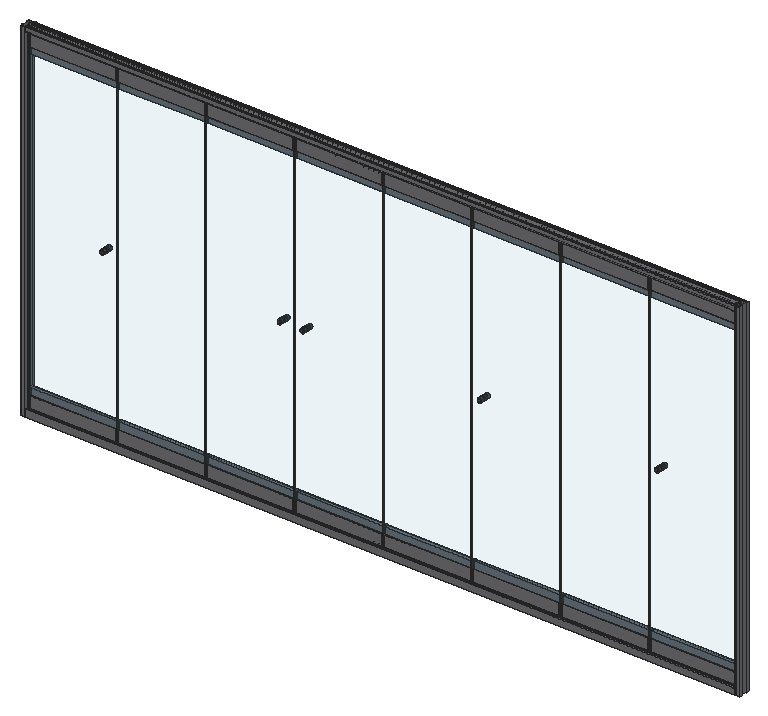
Revit family "QFL8 RH 2380", category Doors, host Wall, Revit 2024 (continued)
Automatic sketch dimensions
  plane 5 to Extrusion 3 sketch curve = 60.8 mm
  Extrusion 3 sketch curve to Extrusion 3 sketch curve = 2.985 mm
  Extrusion 4 sketch curve to host wall = 33.496 mm  (x2)
  Extrusion 4 sketch curve to Extrusion 4 sketch curve = 4.9 mm  (x3)
  Extrusion 4 sketch curve to Extrusion 4 sketch curve = 10 mm  (x4)
  host wall to Extrusion 4 sketch curve = 2.504 mm  (x2)
  host wall to Extrusion 4 sketch curve = 5.604 mm  (x2)
  Extrusion 4 sketch curve to Extrusion 4 sketch curve = 8 mm
  plane 5 to Extrusion 4 sketch curve = 39 mm
  Extrusion 4 sketch curve to Extrusion 4 sketch curve = 0 mm
  Extrusion 4 sketch curve to Extrusion 4 sketch curve = 20 mm  (x3)
  Extrusion 4 sketch curve to Extrusion 4 sketch curve = 70 mm
  Extrusion 4 sketch curve to Extrusion 4 sketch curve = 35 mm
  level to Extrusion 4 sketch curve = 166 mm
  Extrusion 4 sketch curve to Extrusion 4 sketch curve = 45 mm
  level to Extrusion 4 sketch curve = 51 mm
  Extrusion 5 sketch curve to host wall = 33.496 mm  (x2)
  Extrusion 5 sketch curve to Extrusion 5 sketch curve = 4.9 mm  (x3)
  Extrusion 5 sketch curve to Extrusion 5 sketch curve = 10 mm  (x4)
  host wall to Extrusion 5 sketch curve = 2.504 mm  (x2)
  host wall to Extrusion 5 sketch curve = 5.604 mm  (x2)
  Extrusion 5 sketch curve to Extrusion 5 sketch curve = 8 mm
  level to Extrusion 5 sketch curve = 31 mm  (x2)
  Extrusion 5 sketch curve to Extrusion 5 sketch curve = 20 mm  (x3)
  Extrusion 5 sketch curve to Extrusion 5 sketch curve = 70 mm
  Extrusion 5 sketch curve to Extrusion 5 sketch curve = 35 mm
  plane 5 to Extrusion 5 sketch curve = 174 mm
  Extrusion 5 sketch curve to Extrusion 5 sketch curve = 45 mm
  plane 5 to Extrusion 5 sketch curve = 59 mm
  Extrusion 6 sketch curve to host wall = 33.496 mm  (x2)
  Extrusion 6 sketch curve to Extrusion 6 sketch curve = 1.79 mm  (x4)
  Extrusion 6 sketch curve to Extrusion 6 sketch curve = 0 mm
  Extrusion 6 sketch curve to Extrusion 6 sketch curve = 0.01 mm
  Extrusion 6 sketch curve to Extrusion 6 sketch curve = 1.8 mm  (x6)
  Extrusion 6 sketch curve to Extrusion 6 sketch curve = 0.51 mm  (x2)
  Extrusion 6 sketch curve to Extrusion 6 sketch curve = 3.11 mm  (x2)
  Extrusion 6 sketch curve to Extrusion 6 sketch curve = 8.21 mm  (x2)
  Extrusion 6 sketch curve to Extrusion 6 sketch curve = 1.028 mm  (x2)
  host wall to Extrusion 6 sketch curve = 0.504 mm  (x2)
  host wall to Extrusion 6 sketch curve = 2.504 mm  (x2)
  host wall to Extrusion 6 sketch curve = 5.604 mm  (x2)
  host wall to Extrusion 6 sketch curve = 8.2 mm  (x2)
  Extrusion 6 sketch curve to Extrusion 6 sketch curve = 3.1 mm  (x2)
  Extrusion 6 sketch curve to Extrusion 6 sketch curve = 0.514 mm
  Extrusion 6 sketch curve to Extrusion 6 sketch curve = 6.21 mm
  Extrusion 6 sketch curve to Extrusion 6 sketch curve = 0.05 mm
  Extrusion 6 sketch curve to Extrusion 6 sketch curve = 0.554 mm
  level to Extrusion 6 sketch curve = 31 mm  (x2)
  Extrusion 6 sketch curve to Extrusion 6 sketch curve = 2 mm  (x6)
  Extrusion 6 sketch curve to Extrusion 6 sketch curve = 1.6 mm  (x4)
  Extrusion 6 sketch curve to Extrusion 6 sketch curve = 12.367 mm  (x2)
  Extrusion 6 sketch curve to Extrusion 6 sketch curve = 12.517 mm  (x2)
  Extrusion 6 sketch curve to Extrusion 6 sketch curve = 1.048 mm  (x2)
  Extrusion 6 sketch curve to Extrusion 6 sketch curve = 0.963 mm  (x2)
  Extrusion 6 sketch curve to Extrusion 6 sketch curve = 2.92 mm  (x2)
  Extrusion 6 sketch curve to Extrusion 6 sketch curve = 66.2 mm
  Extrusion 6 sketch curve to Extrusion 6 sketch curve = 33.962 mm
  Extrusion 6 sketch curve to Extrusion 6 sketch curve = 1.038 mm  (x2)
  Extrusion 6 sketch curve to Extrusion 6 sketch curve = 9.238 mm
  plane 5 to Extrusion 6 sketch curve = 174 mm
  Extrusion 6 sketch curve to Extrusion 6 sketch curve = 8.2 mm
  Extrusion 6 sketch curve to Extrusion 6 sketch curve = 43.2 mm
  plane 5 to Extrusion 6 sketch curve = 60.8 mm
  Extrusion 6 sketch curve to Extrusion 6 sketch curve = 2.985 mm
  Extrusion 7 sketch curve to host wall = 33.496 mm  (x2)
  Extrusion 7 sketch curve to Extrusion 7 sketch curve = 4.9 mm  (x3)
  Extrusion 7 sketch curve to Extrusion 7 sketch curve = 10 mm  (x4)
  host wall to Extrusion 7 sketch curve = 2.504 mm  (x2)
  host wall to Extrusion 7 sketch curve = 5.604 mm  (x2)
  Extrusion 7 sketch curve to Extrusion 7 sketch curve = 8 mm
  plane 5 to Extrusion 7 sketch curve = 39 mm
  Extrusion 7 sketch curve to Extrusion 7 sketch curve = 0 mm
  Extrusion 7 sketch curve to Extrusion 7 sketch curve = 20 mm  (x3)
  Extrusion 7 sketch curve to Extrusion 7 sketch curve = 70 mm
  Extrusion 7 sketch curve to Extrusion 7 sketch curve = 35 mm
  level to Extrusion 7 sketch curve = 166 mm
  Extrusion 7 sketch curve to Extrusion 7 sketch curve = 45 mm
  level to Extrusion 7 sketch curve = 51 mm
  Extrusion 8 sketch curve to host wall = 33.496 mm  (x2)
  Extrusion 8 sketch curve to Extrusion 8 sketch curve = 4.9 mm  (x3)
  Extrusion 8 sketch curve to Extrusion 8 sketch curve = 10 mm  (x4)
  host wall to Extrusion 8 sketch curve = 2.504 mm  (x2)
  host wall to Extrusion 8 sketch curve = 5.604 mm  (x2)
  Extrusion 8 sketch curve to Extrusion 8 sketch curve = 8 mm
  level to Extrusion 8 sketch curve = 31 mm  (x2)
  Extrusion 8 sketch curve to Extrusion 8 sketch curve = 20 mm  (x3)
  Extrusion 8 sketch curve to Extrusion 8 sketch curve = 70 mm
  Extrusion 8 sketch curve to Extrusion 8 sketch curve = 35 mm
  plane 5 to Extrusion 8 sketch curve = 174 mm
  Extrusion 8 sketch curve to Extrusion 8 sketch curve = 45 mm
  plane 5 to Extrusion 8 sketch curve = 59 mm
  Extrusion 9 sketch curve to host wall = 33.496 mm  (x2)
  Extrusion 9 sketch curve to Extrusion 9 sketch curve = 1.79 mm  (x4)
  Extrusion 9 sketch curve to Extrusion 9 sketch curve = 0 mm
  Extrusion 9 sketch curve to Extrusion 9 sketch curve = 0.01 mm
  Extrusion 9 sketch curve to Extrusion 9 sketch curve = 1.8 mm  (x6)
  Extrusion 9 sketch curve to Extrusion 9 sketch curve = 0.51 mm  (x2)
  Extrusion 9 sketch curve to Extrusion 9 sketch curve = 3.11 mm  (x2)
  Extrusion 9 sketch curve to Extrusion 9 sketch curve = 8.21 mm  (x2)
  Extrusion 9 sketch curve to Extrusion 9 sketch curve = 1.028 mm  (x2)
  host wall to Extrusion 9 sketch curve = 0.504 mm  (x2)
  host wall to Extrusion 9 sketch curve = 2.504 mm  (x2)
  host wall to Extrusion 9 sketch curve = 5.604 mm  (x2)
  host wall to Extrusion 9 sketch curve = 8.2 mm  (x2)
  Extrusion 9 sketch curve to Extrusion 9 sketch curve = 3.1 mm  (x2)
  Extrusion 9 sketch curve to Extrusion 9 sketch curve = 0.514 mm
  Extrusion 9 sketch curve to Extrusion 9 sketch curve = 6.21 mm
  Extrusion 9 sketch curve to Extrusion 9 sketch curve = 0.05 mm
  Extrusion 9 sketch curve to Extrusion 9 sketch curve = 0.554 mm
  level to Extrusion 9 sketch curve = 31 mm  (x2)
  Extrusion 9 sketch curve to Extrusion 9 sketch curve = 2 mm  (x6)
  Extrusion 9 sketch curve to Extrusion 9 sketch curve = 1.6 mm  (x4)
  Extrusion 9 sketch curve to Extrusion 9 sketch curve = 12.367 mm  (x2)
  Extrusion 9 sketch curve to Extrusion 9 sketch curve = 12.517 mm  (x2)
  Extrusion 9 sketch curve to Extrusion 9 sketch curve = 1.048 mm  (x2)
  Extrusion 9 sketch curve to Extrusion 9 sketch curve = 0.963 mm  (x2)
  Extrusion 9 sketch curve to Extrusion 9 sketch curve = 2.92 mm  (x2)
  Extrusion 9 sketch curve to Extrusion 9 sketch curve = 66.2 mm
  Extrusion 9 sketch curve to Extrusion 9 sketch curve = 33.962 mm
  Extrusion 9 sketch curve to Extrusion 9 sketch curve = 1.038 mm  (x2)
  Extrusion 9 sketch curve to Extrusion 9 sketch curve = 9.238 mm
  plane 5 to Extrusion 9 sketch curve = 174 mm
  Extrusion 9 sketch curve to Extrusion 9 sketch curve = 8.2 mm
  Extrusion 9 sketch curve to Extrusion 9 sketch curve = 43.2 mm
  plane 5 to Extrusion 9 sketch curve = 60.8 mm
  Extrusion 9 sketch curve to Extrusion 9 sketch curve = 2.985 mm
  Extrusion 10 sketch curve to host wall = 33.496 mm  (x2)
  Extrusion 10 sketch curve to Extrusion 10 sketch curve = 4.9 mm  (x3)
  Extrusion 10 sketch curve to Extrusion 10 sketch curve = 10 mm  (x4)
  host wall to Extrusion 10 sketch curve = 2.504 mm  (x2)
  host wall to Extrusion 10 sketch curve = 5.604 mm  (x2)
  Extrusion 10 sketch curve to Extrusion 10 sketch curve = 8 mm
  plane 5 to Extrusion 10 sketch curve = 39 mm
  Extrusion 10 sketch curve to Extrusion 10 sketch curve = 0 mm
  Extrusion 10 sketch curve to Extrusion 10 sketch curve = 20 mm  (x3)
  Extrusion 10 sketch curve to Extrusion 10 sketch curve = 70 mm
  Extrusion 10 sketch curve to Extrusion 10 sketch curve = 35 mm
  level to Extrusion 10 sketch curve = 166 mm
  Extrusion 10 sketch curve to Extrusion 10 sketch curve = 45 mm
  level to Extrusion 10 sketch curve = 51 mm
  Extrusion 11 sketch curve to host wall = 33.496 mm  (x2)
  Extrusion 11 sketch curve to Extrusion 11 sketch curve = 4.9 mm  (x3)
  Extrusion 11 sketch curve to Extrusion 11 sketch curve = 10 mm  (x4)
  host wall to Extrusion 11 sketch curve = 2.504 mm  (x2)
  host wall to Extrusion 11 sketch curve = 5.604 mm  (x2)
  Extrusion 11 sketch curve to Extrusion 11 sketch curve = 8 mm
  level to Extrusion 11 sketch curve = 31 mm  (x2)
  Extrusion 11 sketch curve to Extrusion 11 sketch curve = 20 mm  (x3)
  Extrusion 11 sketch curve to Extrusion 11 sketch curve = 70 mm
  Extrusion 11 sketch curve to Extrusion 11 sketch curve = 35 mm
  plane 5 to Extrusion 11 sketch curve = 174 mm
  Extrusion 11 sketch curve to Extrusion 11 sketch curve = 45 mm
  plane 5 to Extrusion 11 sketch curve = 59 mm
  Extrusion 12 sketch curve to host wall = 33.496 mm  (x2)
  Extrusion 12 sketch curve to Extrusion 12 sketch curve = 1.79 mm  (x4)
  Extrusion 12 sketch curve to Extrusion 12 sketch curve = 0 mm
  Extrusion 12 sketch curve to Extrusion 12 sketch curve = 0.01 mm
  Extrusion 12 sketch curve to Extrusion 12 sketch curve = 1.8 mm  (x6)
  Extrusion 12 sketch curve to Extrusion 12 sketch curve = 0.51 mm  (x2)
  Extrusion 12 sketch curve to Extrusion 12 sketch curve = 3.11 mm  (x2)
  Extrusion 12 sketch curve to Extrusion 12 sketch curve = 8.21 mm  (x2)
  Extrusion 12 sketch curve to Extrusion 12 sketch curve = 1.028 mm  (x2)
  host wall to Extrusion 12 sketch curve = 0.504 mm  (x2)
  host wall to Extrusion 12 sketch curve = 2.504 mm  (x2)
  host wall to Extrusion 12 sketch curve = 5.604 mm  (x2)
  host wall to Extrusion 12 sketch curve = 8.2 mm  (x2)
  Extrusion 12 sketch curve to Extrusion 12 sketch curve = 3.1 mm  (x2)
  Extrusion 12 sketch curve to Extrusion 12 sketch curve = 0.514 mm
  Extrusion 12 sketch curve to Extrusion 12 sketch curve = 6.21 mm
  Extrusion 12 sketch curve to Extrusion 12 sketch curve = 0.05 mm
  Extrusion 12 sketch curve to Extrusion 12 sketch curve = 0.554 mm
  level to Extrusion 12 sketch curve = 31 mm  (x2)
  Extrusion 12 sketch curve to Extrusion 12 sketch curve = 2 mm  (x6)
  Extrusion 12 sketch curve to Extrusion 12 sketch curve = 1.6 mm  (x4)
  Extrusion 12 sketch curve to Extrusion 12 sketch curve = 12.367 mm  (x2)
  Extrusion 12 sketch curve to Extrusion 12 sketch curve = 12.517 mm  (x2)
  Extrusion 12 sketch curve to Extrusion 12 sketch curve = 1.048 mm  (x2)
  Extrusion 12 sketch curve to Extrusion 12 sketch curve = 0.963 mm  (x2)
  Extrusion 12 sketch curve to Extrusion 12 sketch curve = 2.92 mm  (x2)
  Extrusion 12 sketch curve to Extrusion 12 sketch curve = 66.2 mm
  Extrusion 12 sketch curve to Extrusion 12 sketch curve = 33.962 mm
  Extrusion 12 sketch curve to Extrusion 12 sketch curve = 1.038 mm  (x2)
  Extrusion 12 sketch curve to Extrusion 12 sketch curve = 9.238 mm
  plane 5 to Extrusion 12 sketch curve = 174 mm
  Extrusion 12 sketch curve to Extrusion 12 sketch curve = 8.2 mm
  Extrusion 12 sketch curve to Extrusion 12 sketch curve = 43.2 mm
  plane 5 to Extrusion 12 sketch curve = 60.8 mm
  Extrusion 12 sketch curve to Extrusion 12 sketch curve = 2.985 mm
  Extrusion 13 sketch curve to host wall = 33.496 mm  (x2)
  Extrusion 13 sketch curve to Extrusion 13 sketch curve = 4.9 mm  (x3)
  Extrusion 13 sketch curve to Extrusion 13 sketch curve = 10 mm  (x4)
  host wall to Extrusion 13 sketch curve = 2.504 mm  (x2)
  host wall to Extrusion 13 sketch curve = 5.604 mm  (x2)
  Extrusion 13 sketch curve to Extrusion 13 sketch curve = 8 mm
  plane 5 to Extrusion 13 sketch curve = 39 mm
  Extrusion 13 sketch curve to Extrusion 13 sketch curve = 0 mm
  Extrusion 13 sketch curve to Extrusion 13 sketch curve = 20 mm  (x3)
  Extrusion 13 sketch curve to Extrusion 13 sketch curve = 70 mm
  Extrusion 13 sketch curve to Extrusion 13 sketch curve = 35 mm
  level to Extrusion 13 sketch curve = 166 mm
  Extrusion 13 sketch curve to Extrusion 13 sketch curve = 45 mm
  level to Extrusion 13 sketch curve = 51 mm
  Extrusion 14 sketch curve to host wall = 33.496 mm  (x2)
  Extrusion 14 sketch curve to Extrusion 14 sketch curve = 4.9 mm  (x3)
  Extrusion 14 sketch curve to Extrusion 14 sketch curve = 10 mm  (x4)
  host wall to Extrusion 14 sketch curve = 2.504 mm  (x2)
  host wall to Extrusion 14 sketch curve = 5.604 mm  (x2)
  Extrusion 14 sketch curve to Extrusion 14 sketch curve = 8 mm
  level to Extrusion 14 sketch curve = 31 mm  (x2)
  Extrusion 14 sketch curve to Extrusion 14 sketch curve = 20 mm  (x3)
  Extrusion 14 sketch curve to Extrusion 14 sketch curve = 70 mm
  Extrusion 14 sketch curve to Extrusion 14 sketch curve = 35 mm
  plane 5 to Extrusion 14 sketch curve = 174 mm
  Extrusion 14 sketch curve to Extrusion 14 sketch curve = 45 mm
  plane 5 to Extrusion 14 sketch curve = 59 mm
  Extrusion 15 sketch curve to host wall = 33.496 mm  (x2)
  Extrusion 15 sketch curve to Extrusion 15 sketch curve = 1.79 mm  (x4)
  Extrusion 15 sketch curve to Extrusion 15 sketch curve = 0 mm
  Extrusion 15 sketch curve to Extrusion 15 sketch curve = 0.01 mm
  Extrusion 15 sketch curve to Extrusion 15 sketch curve = 1.8 mm  (x6)
  Extrusion 15 sketch curve to Extrusion 15 sketch curve = 0.51 mm  (x2)
  Extrusion 15 sketch curve to Extrusion 15 sketch curve = 3.11 mm  (x2)
  Extrusion 15 sketch curve to Extrusion 15 sketch curve = 8.21 mm  (x2)
  Extrusion 15 sketch curve to Extrusion 15 sketch curve = 1.028 mm  (x2)
  host wall to Extrusion 15 sketch curve = 0.504 mm  (x2)
  host wall to Extrusion 15 sketch curve = 2.504 mm  (x2)
  host wall to Extrusion 15 sketch curve = 5.604 mm  (x2)
  host wall to Extrusion 15 sketch curve = 8.2 mm  (x2)
  Extrusion 15 sketch curve to Extrusion 15 sketch curve = 3.1 mm  (x2)
  Extrusion 15 sketch curve to Extrusion 15 sketch curve = 0.514 mm
  Extrusion 15 sketch curve to Extrusion 15 sketch curve = 6.21 mm
  Extrusion 15 sketch curve to Extrusion 15 sketch curve = 0.05 mm
  Extrusion 15 sketch curve to Extrusion 15 sketch curve = 0.554 mm
  plane 5 to Extrusion 15 sketch curve = 39 mm  (x2)
  Extrusion 15 sketch curve to Extrusion 15 sketch curve = 2 mm  (x6)
  Extrusion 15 sketch curve to Extrusion 15 sketch curve = 1.6 mm  (x4)
  Extrusion 15 sketch curve to Extrusion 15 sketch curve = 12.367 mm  (x2)
  Extrusion 15 sketch curve to Extrusion 15 sketch curve = 12.517 mm  (x2)
  Extrusion 15 sketch curve to Extrusion 15 sketch curve = 1.048 mm  (x2)
  Extrusion 15 sketch curve to Extrusion 15 sketch curve = 0.963 mm  (x2)
  Extrusion 15 sketch curve to Extrusion 15 sketch curve = 2.985 mm  (x2)
  Extrusion 15 sketch curve to Extrusion 15 sketch curve = 66.2 mm
  Extrusion 15 sketch curve to Extrusion 15 sketch curve = 33.962 mm
  Extrusion 15 sketch curve to Extrusion 15 sketch curve = 1.038 mm  (x2)
  Extrusion 15 sketch curve to Extrusion 15 sketch curve = 9.238 mm
  level to Extrusion 15 sketch curve = 166 mm
  Extrusion 15 sketch curve to Extrusion 15 sketch curve = 8.2 mm
  Extrusion 15 sketch curve to Extrusion 15 sketch curve = 43.2 mm
  level to Extrusion 15 sketch curve = 52.8 mm
  Extrusion 15 sketch curve to Extrusion 15 sketch curve = 2.92 mm
  Extrusion 16 sketch curve to host wall = 33.496 mm  (x2)
  Extrusion 16 sketch curve to Extrusion 16 sketch curve = 4.9 mm  (x3)
  Extrusion 16 sketch curve to Extrusion 16 sketch curve = 10 mm  (x4)
  host wall to Extrusion 16 sketch curve = 2.504 mm  (x2)
  host wall to Extrusion 16 sketch curve = 5.604 mm  (x2)
  Extrusion 16 sketch curve to Extrusion 16 sketch curve = 8 mm
  level to Extrusion 16 sketch curve = 31 mm  (x2)
  Extrusion 16 sketch curve to Extrusion 16 sketch curve = 20 mm  (x3)
  Extrusion 16 sketch curve to Extrusion 16 sketch curve = 70 mm
  Extrusion 16 sketch curve to Extrusion 16 sketch curve = 35 mm
  plane 5 to Extrusion 16 sketch curve = 174 mm
  Extrusion 16 sketch curve to Extrusion 16 sketch curve = 45 mm
  plane 5 to Extrusion 16 sketch curve = 59 mm
  Extrusion 17 sketch curve to host wall = 33.496 mm  (x2)
  Extrusion 17 sketch curve to Extrusion 17 sketch curve = 4.9 mm  (x3)
  Extrusion 17 sketch curve to Extrusion 17 sketch curve = 10 mm  (x4)
  host wall to Extrusion 17 sketch curve = 2.504 mm  (x2)
  host wall to Extrusion 17 sketch curve = 5.604 mm  (x2)
  Extrusion 17 sketch curve to Extrusion 17 sketch curve = 8 mm
  plane 5 to Extrusion 17 sketch curve = 39 mm
  Extrusion 17 sketch curve to Extrusion 17 sketch curve = 0 mm
  Extrusion 17 sketch curve to Extrusion 17 sketch curve = 20 mm  (x3)
  Extrusion 17 sketch curve to Extrusion 17 sketch curve = 70 mm
  Extrusion 17 sketch curve to Extrusion 17 sketch curve = 35 mm
  level to Extrusion 17 sketch curve = 166 mm
  Extrusion 17 sketch curve to Extrusion 17 sketch curve = 45 mm
  level to Extrusion 17 sketch curve = 51 mm
  Extrusion 18 sketch curve to host wall = 33.496 mm  (x2)
  Extrusion 18 sketch curve to Extrusion 18 sketch curve = 1.79 mm  (x4)
  Extrusion 18 sketch curve to Extrusion 18 sketch curve = 0 mm
  Extrusion 18 sketch curve to Extrusion 18 sketch curve = 0.01 mm
  Extrusion 18 sketch curve to Extrusion 18 sketch curve = 1.8 mm  (x6)
  Extrusion 18 sketch curve to Extrusion 18 sketch curve = 0.51 mm  (x2)
  Extrusion 18 sketch curve to Extrusion 18 sketch curve = 3.11 mm  (x2)
  Extrusion 18 sketch curve to Extrusion 18 sketch curve = 8.21 mm  (x2)
  Extrusion 18 sketch curve to Extrusion 18 sketch curve = 1.028 mm  (x2)
  host wall to Extrusion 18 sketch curve = 0.504 mm  (x2)
  host wall to Extrusion 18 sketch curve = 2.504 mm  (x2)
  host wall to Extrusion 18 sketch curve = 5.604 mm  (x2)
  host wall to Extrusion 18 sketch curve = 8.2 mm  (x2)
  Extrusion 18 sketch curve to Extrusion 18 sketch curve = 3.1 mm  (x2)
  Extrusion 18 sketch curve to Extrusion 18 sketch curve = 0.514 mm
  Extrusion 18 sketch curve to Extrusion 18 sketch curve = 6.21 mm
  Extrusion 18 sketch curve to Extrusion 18 sketch curve = 0.05 mm
  Extrusion 18 sketch curve to Extrusion 18 sketch curve = 0.554 mm
  plane 5 to Extrusion 18 sketch curve = 39 mm  (x2)
  Extrusion 18 sketch curve to Extrusion 18 sketch curve = 2 mm  (x6)
  Extrusion 18 sketch curve to Extrusion 18 sketch curve = 1.6 mm  (x4)
  Extrusion 18 sketch curve to Extrusion 18 sketch curve = 12.367 mm  (x2)
  Extrusion 18 sketch curve to Extrusion 18 sketch curve = 12.517 mm  (x2)
  Extrusion 18 sketch curve to Extrusion 18 sketch curve = 1.048 mm  (x2)
  Extrusion 18 sketch curve to Extrusion 18 sketch curve = 0.963 mm  (x2)
  Extrusion 18 sketch curve to Extrusion 18 sketch curve = 2.985 mm  (x2)
  Extrusion 18 sketch curve to Extrusion 18 sketch curve = 66.2 mm
  Extrusion 18 sketch curve to Extrusion 18 sketch curve = 33.962 mm
  Extrusion 18 sketch curve to Extrusion 18 sketch curve = 1.038 mm  (x2)
  Extrusion 18 sketch curve to Extrusion 18 sketch curve = 9.238 mm
  level to Extrusion 18 sketch curve = 166 mm
  Extrusion 18 sketch curve to Extrusion 18 sketch curve = 8.2 mm
  Extrusion 18 sketch curve to Extrusion 18 sketch curve = 43.2 mm
  level to Extrusion 18 sketch curve = 52.8 mm
  Extrusion 18 sketch curve to Extrusion 18 sketch curve = 2.92 mm
  Extrusion 19 sketch curve to host wall = 33.496 mm  (x2)
  Extrusion 19 sketch curve to Extrusion 19 sketch curve = 4.9 mm  (x3)
  Extrusion 19 sketch curve to Extrusion 19 sketch curve = 10 mm  (x4)
  host wall to Extrusion 19 sketch curve = 2.504 mm  (x2)
  host wall to Extrusion 19 sketch curve = 5.604 mm  (x2)
  Extrusion 19 sketch curve to Extrusion 19 sketch curve = 8 mm
  level to Extrusion 19 sketch curve = 31 mm  (x2)
  Extrusion 19 sketch curve to Extrusion 19 sketch curve = 20 mm  (x3)
  Extrusion 19 sketch curve to Extrusion 19 sketch curve = 70 mm
  Extrusion 19 sketch curve to Extrusion 19 sketch curve = 35 mm
  plane 5 to Extrusion 19 sketch curve = 174 mm
  Extrusion 19 sketch curve to Extrusion 19 sketch curve = 45 mm
  plane 5 to Extrusion 19 sketch curve = 59 mm
  Extrusion 20 sketch curve to host wall = 33.496 mm  (x2)
  Extrusion 20 sketch curve to Extrusion 20 sketch curve = 4.9 mm  (x3)
  Extrusion 20 sketch curve to Extrusion 20 sketch curve = 10 mm  (x4)
  host wall to Extrusion 20 sketch curve = 2.504 mm  (x2)
  host wall to Extrusion 20 sketch curve = 5.604 mm  (x2)
  Extrusion 20 sketch curve to Extrusion 20 sketch curve = 8 mm
  plane 5 to Extrusion 20 sketch curve = 39 mm
  Extrusion 20 sketch curve to Extrusion 20 sketch curve = 0 mm
  Extrusion 20 sketch curve to Extrusion 20 sketch curve = 20 mm  (x3)
  Extrusion 20 sketch curve to Extrusion 20 sketch curve = 70 mm
  Extrusion 20 sketch curve to Extrusion 20 sketch curve = 35 mm
  level to Extrusion 20 sketch curve = 166 mm
  Extrusion 20 sketch curve to Extrusion 20 sketch curve = 45 mm
  level to Extrusion 20 sketch curve = 51 mm
  Extrusion 21 sketch curve to host wall = 33.496 mm  (x2)
  Extrusion 21 sketch curve to Extrusion 21 sketch curve = 1.79 mm  (x4)
  Extrusion 21 sketch curve to Extrusion 21 sketch curve = 0 mm
  Extrusion 21 sketch curve to Extrusion 21 sketch curve = 0.01 mm
  Extrusion 21 sketch curve to Extrusion 21 sketch curve = 1.8 mm  (x6)
  Extrusion 21 sketch curve to Extrusion 21 sketch curve = 0.51 mm  (x2)
  Extrusion 21 sketch curve to Extrusion 21 sketch curve = 3.11 mm  (x2)
  Extrusion 21 sketch curve to Extrusion 21 sketch curve = 8.21 mm  (x2)
  Extrusion 21 sketch curve to Extrusion 21 sketch curve = 1.028 mm  (x2)
  host wall to Extrusion 21 sketch curve = 0.504 mm  (x2)
  host wall to Extrusion 21 sketch curve = 2.504 mm  (x2)
  host wall to Extrusion 21 sketch curve = 5.604 mm  (x2)
  host wall to Extrusion 21 sketch curve = 8.2 mm  (x2)
  Extrusion 21 sketch curve to Extrusion 21 sketch curve = 3.1 mm  (x2)
  Extrusion 21 sketch curve to Extrusion 21 sketch curve = 0.514 mm
  Extrusion 21 sketch curve to Extrusion 21 sketch curve = 6.21 mm
  Extrusion 21 sketch curve to Extrusion 21 sketch curve = 0.05 mm
  Extrusion 21 sketch curve to Extrusion 21 sketch curve = 0.554 mm
  plane 5 to Extrusion 21 sketch curve = 39 mm  (x2)
  Extrusion 21 sketch curve to Extrusion 21 sketch curve = 2 mm  (x6)
  Extrusion 21 sketch curve to Extrusion 21 sketch curve = 1.6 mm  (x4)
  Extrusion 21 sketch curve to Extrusion 21 sketch curve = 12.367 mm  (x2)
  Extrusion 21 sketch curve to Extrusion 21 sketch curve = 12.517 mm  (x2)
  Extrusion 21 sketch curve to Extrusion 21 sketch curve = 1.048 mm  (x2)
  Extrusion 21 sketch curve to Extrusion 21 sketch curve = 0.963 mm  (x2)
  Extrusion 21 sketch curve to Extrusion 21 sketch curve = 2.985 mm  (x2)
  Extrusion 21 sketch curve to Extrusion 21 sketch curve = 66.2 mm
  Extrusion 21 sketch curve to Extrusion 21 sketch curve = 33.962 mm
  Extrusion 21 sketch curve to Extrusion 21 sketch curve = 1.038 mm  (x2)
  Extrusion 21 sketch curve to Extrusion 21 sketch curve = 9.238 mm
  level to Extrusion 21 sketch curve = 166 mm
  Extrusion 21 sketch curve to Extrusion 21 sketch curve = 8.2 mm
  Extrusion 21 sketch curve to Extrusion 21 sketch curve = 43.2 mm
  level to Extrusion 21 sketch curve = 52.8 mm
  Extrusion 21 sketch curve to Extrusion 21 sketch curve = 2.92 mm
  Extrusion 22 sketch curve to host wall = 33.496 mm  (x2)
  Extrusion 22 sketch curve to Extrusion 22 sketch curve = 4.9 mm  (x3)
  Extrusion 22 sketch curve to Extrusion 22 sketch curve = 10 mm  (x4)
  host wall to Extrusion 22 sketch curve = 2.504 mm  (x2)
  host wall to Extrusion 22 sketch curve = 5.604 mm  (x2)
  Extrusion 22 sketch curve to Extrusion 22 sketch curve = 8 mm
  level to Extrusion 22 sketch curve = 31 mm  (x2)
  Extrusion 22 sketch curve to Extrusion 22 sketch curve = 20 mm  (x3)
  Extrusion 22 sketch curve to Extrusion 22 sketch curve = 70 mm
  Extrusion 22 sketch curve to Extrusion 22 sketch curve = 35 mm
  plane 5 to Extrusion 22 sketch curve = 174 mm
  Extrusion 22 sketch curve to Extrusion 22 sketch curve = 45 mm
  plane 5 to Extrusion 22 sketch curve = 59 mm
  Extrusion 23 sketch curve to host wall = 33.496 mm  (x2)
  Extrusion 23 sketch curve to Extrusion 23 sketch curve = 4.9 mm  (x3)
  Extrusion 23 sketch curve to Extrusion 23 sketch curve = 10 mm  (x4)
  host wall to Extrusion 23 sketch curve = 2.504 mm  (x2)
  host wall to Extrusion 23 sketch curve = 5.604 mm  (x2)
  Extrusion 23 sketch curve to Extrusion 23 sketch curve = 8 mm
  plane 5 to Extrusion 23 sketch curve = 39 mm
  Extrusion 23 sketch curve to Extrusion 23 sketch curve = 0 mm
  Extrusion 23 sketch curve to Extrusion 23 sketch curve = 20 mm  (x3)
  Extrusion 23 sketch curve to Extrusion 23 sketch curve = 70 mm
  Extrusion 23 sketch curve to Extrusion 23 sketch curve = 35 mm
  level to Extrusion 23 sketch curve = 166 mm
  Extrusion 23 sketch curve to Extrusion 23 sketch curve = 45 mm
  level to Extrusion 23 sketch curve = 51 mm
  Extrusion 24 sketch curve to host wall = 33.496 mm  (x2)
  Extrusion 24 sketch curve to Extrusion 24 sketch curve = 1.79 mm  (x4)
  Extrusion 24 sketch curve to Extrusion 24 sketch curve = 0 mm
  Extrusion 24 sketch curve to Extrusion 24 sketch curve = 0.01 mm
  Extrusion 24 sketch curve to Extrusion 24 sketch curve = 1.8 mm  (x6)
  Extrusion 24 sketch curve to Extrusion 24 sketch curve = 0.51 mm  (x2)
  Extrusion 24 sketch curve to Extrusion 24 sketch curve = 3.11 mm  (x2)
  Extrusion 24 sketch curve to Extrusion 24 sketch curve = 8.21 mm  (x2)
  Extrusion 24 sketch curve to Extrusion 24 sketch curve = 1.028 mm  (x2)
  host wall to Extrusion 24 sketch curve = 0.504 mm  (x2)
  host wall to Extrusion 24 sketch curve = 2.504 mm  (x2)
  host wall to Extrusion 24 sketch curve = 5.604 mm  (x2)
  host wall to Extrusion 24 sketch curve = 8.2 mm  (x2)
  Extrusion 24 sketch curve to Extrusion 24 sketch curve = 3.1 mm  (x2)
  Extrusion 24 sketch curve to Extrusion 24 sketch curve = 0.514 mm
  Extrusion 24 sketch curve to Extrusion 24 sketch curve = 6.21 mm
  Extrusion 24 sketch curve to Extrusion 24 sketch curve = 0.05 mm
  Extrusion 24 sketch curve to Extrusion 24 sketch curve = 0.554 mm
  plane 5 to Extrusion 24 sketch curve = 39 mm  (x2)
  Extrusion 24 sketch curve to Extrusion 24 sketch curve = 2 mm  (x6)
  Extrusion 24 sketch curve to Extrusion 24 sketch curve = 1.6 mm  (x4)
  Extrusion 24 sketch curve to Extrusion 24 sketch curve = 12.367 mm  (x2)
  Extrusion 24 sketch curve to Extrusion 24 sketch curve = 12.517 mm  (x2)
  Extrusion 24 sketch curve to Extrusion 24 sketch curve = 1.048 mm  (x2)
  Extrusion 24 sketch curve to Extrusion 24 sketch curve = 0.963 mm  (x2)
  Extrusion 24 sketch curve to Extrusion 24 sketch curve = 2.985 mm  (x2)
  Extrusion 24 sketch curve to Extrusion 24 sketch curve = 66.2 mm
  Extrusion 24 sketch curve to Extrusion 24 sketch curve = 33.962 mm
  Extrusion 24 sketch curve to Extrusion 24 sketch curve = 1.038 mm  (x2)
  Extrusion 24 sketch curve to Extrusion 24 sketch curve = 9.238 mm
  level to Extrusion 24 sketch curve = 166 mm
  Extrusion 24 sketch curve to Extrusion 24 sketch curve = 8.2 mm
  Extrusion 24 sketch curve to Extrusion 24 sketch curve = 43.2 mm
  level to Extrusion 24 sketch curve = 52.8 mm
  Extrusion 24 sketch curve to Extrusion 24 sketch curve = 2.92 mm
  host wall to Extrusion 25 sketch curve = 2.504 mm
  Extrusion 25 sketch curve to Extrusion 25 sketch curve = 10 mm
  plane 5 to Extrusion 25 sketch curve = 129 mm
  level to Extrusion 25 sketch curve = 121 mm
  Extrusion 26 sketch curve to host wall = 33.496 mm  (x2)
  Extrusion 26 sketch curve to Extrusion 26 sketch curve = 4.9 mm  (x3)
  Extrusion 26 sketch curve to Extrusion 26 sketch curve = 10 mm  (x4)
  host wall to Extrusion 26 sketch curve = 2.504 mm  (x2)
  host wall to Extrusion 26 sketch curve = 5.604 mm  (x2)
  Extrusion 26 sketch curve to Extrusion 26 sketch curve = 8 mm
  level to Extrusion 26 sketch curve = 31 mm  (x2)
  Extrusion 26 sketch curve to Extrusion 26 sketch curve = 20 mm  (x3)
  Extrusion 26 sketch curve to Extrusion 26 sketch curve = 70 mm
  Extrusion 26 sketch curve to Extrusion 26 sketch curve = 35 mm
  plane 5 to Extrusion 26 sketch curve = 174 mm
  Extrusion 26 sketch curve to Extrusion 26 sketch curve = 45 mm
  plane 5 to Extrusion 26 sketch curve = 59 mm
  Extrusion 27 sketch curve to host wall = 33.496 mm  (x2)
  Extrusion 27 sketch curve to Extrusion 27 sketch curve = 4.9 mm  (x3)
  Extrusion 27 sketch curve to Extrusion 27 sketch curve = 10 mm  (x4)
  host wall to Extrusion 27 sketch curve = 2.504 mm  (x2)
  host wall to Extrusion 27 sketch curve = 5.604 mm  (x2)
  Extrusion 27 sketch curve to Extrusion 27 sketch curve = 8 mm
  plane 5 to Extrusion 27 sketch curve = 39 mm
  Extrusion 27 sketch curve to Extrusion 27 sketch curve = 0 mm
  Extrusion 27 sketch curve to Extrusion 27 sketch curve = 20 mm  (x3)
  Extrusion 27 sketch curve to Extrusion 27 sketch curve = 70 mm
  Extrusion 27 sketch curve to Extrusion 27 sketch curve = 35 mm
  level to Extrusion 27 sketch curve = 166 mm
  Extrusion 27 sketch curve to Extrusion 27 sketch curve = 45 mm
  level to Extrusion 27 sketch curve = 51 mm
  host wall to Extrusion 28 sketch curve = 2.504 mm
  Extrusion 28 sketch curve to Extrusion 28 sketch curve = 10 mm
  plane 5 to Extrusion 28 sketch curve = 129 mm
  level to Extrusion 28 sketch curve = 121 mm
  host wall to Extrusion 29 sketch curve = 2.504 mm
  Extrusion 29 sketch curve to Extrusion 29 sketch curve = 10 mm
  plane 5 to Extrusion 29 sketch curve = 129 mm
  level to Extrusion 29 sketch curve = 121 mm
  host wall to Extrusion 30 sketch curve = 2.504 mm
  Extrusion 30 sketch curve to Extrusion 30 sketch curve = 10 mm
  plane 5 to Extrusion 30 sketch curve = 129 mm
  level to Extrusion 30 sketch curve = 121 mm
  host wall to Extrusion 31 sketch curve = 2.504 mm
  Extrusion 31 sketch curve to Extrusion 31 sketch curve = 10 mm
  plane 5 to Extrusion 31 sketch curve = 129 mm
  level to Extrusion 31 sketch curve = 121 mm
  host wall to Extrusion 32 sketch curve = 2.504 mm
  Extrusion 32 sketch curve to Extrusion 32 sketch curve = 10 mm
  plane 5 to Extrusion 32 sketch curve = 129 mm
  level to Extrusion 32 sketch curve = 121 mm
  host wall to Extrusion 33 sketch curve = 2.504 mm
  Extrusion 33 sketch curve to Extrusion 33 sketch curve = 10 mm
  plane 5 to Extrusion 33 sketch curve = 129 mm
  level to Extrusion 33 sketch curve = 121 mm
  host wall to Extrusion 34 sketch curve = 2.504 mm
  Extrusion 34 sketch curve to Extrusion 34 sketch curve = 10 mm
  plane 5 to Extrusion 34 sketch curve = 129 mm
  level to Extrusion 34 sketch curve = 121 mm
  host wall to Revolve 35 sketch curve = 10.504 mm
  Revolve 35 sketch curve to Revolve 35 sketch curve = 3 mm
  Revolve 35 sketch curve to Revolve 35 sketch curve = 5 mm  (x2)
  Revolve 35 sketch curve to Revolve 35 sketch curve = 16 mm
  Revolve 35 sketch curve to Revolve 35 sketch curve = 1 mm  (x2)
  plane 5 to Revolve 35 sketch curve = 1176.5 mm
  Revolve 35 sketch curve to Revolve 35 sketch curve = 0 mm  (x4)
  Revolve 35 sketch curve to Revolve 35 sketch curve = 14 mm
  host wall to Revolve 36 sketch curve = 10.504 mm
  Revolve 36 sketch curve to Revolve 36 sketch curve = 3 mm
  Revolve 36 sketch curve to Revolve 36 sketch curve = 5 mm  (x2)
  Revolve 36 sketch curve to Revolve 36 sketch curve = 16 mm
  Revolve 36 sketch curve to Revolve 36 sketch curve = 1 mm  (x2)
  plane 5 to Revolve 36 sketch curve = 1176.5 mm
  Revolve 36 sketch curve to Revolve 36 sketch curve = 0 mm  (x4)
  Revolve 36 sketch curve to Revolve 36 sketch curve = 14 mm
  host wall to Revolve 37 sketch curve = 2.504 mm
  Revolve 37 sketch curve to host wall = 0.496 mm
  Revolve 37 sketch curve to host wall = 5.496 mm
  Revolve 37 sketch curve to Revolve 37 sketch curve = 5 mm
  Revolve 37 sketch curve to Revolve 37 sketch curve = 16 mm
  Revolve 37 sketch curve to Revolve 37 sketch curve = 1 mm  (x2)
  plane 5 to Revolve 37 sketch curve = 1176.5 mm
  Revolve 37 sketch curve to Revolve 37 sketch curve = 0 mm  (x4)
  Revolve 37 sketch curve to Revolve 37 sketch curve = 14 mm
  host wall to Revolve 38 sketch curve = 2.504 mm
  Revolve 38 sketch curve to host wall = 0.496 mm
  Revolve 38 sketch curve to host wall = 5.496 mm
  Revolve 38 sketch curve to Revolve 38 sketch curve = 5 mm
  Revolve 38 sketch curve to Revolve 38 sketch curve = 16 mm
  Revolve 38 sketch curve to Revolve 38 sketch curve = 1 mm  (x2)
  plane 5 to Revolve 38 sketch curve = 1176.5 mm
  Revolve 38 sketch curve to Revolve 38 sketch curve = 0 mm  (x4)
  Revolve 38 sketch curve to Revolve 38 sketch curve = 14 mm
  host wall to Revolve 39 sketch curve = 10.504 mm
  Revolve 39 sketch curve to Revolve 39 sketch curve = 3 mm
  Revolve 39 sketch curve to Revolve 39 sketch curve = 5 mm  (x2)
  Revolve 39 sketch curve to Revolve 39 sketch curve = 16 mm
  Revolve 39 sketch curve to Revolve 39 sketch curve = 1 mm  (x2)
  plane 5 to Revolve 39 sketch curve = 1176.5 mm
  Revolve 39 sketch curve to Revolve 39 sketch curve = 0 mm  (x4)
  Revolve 39 sketch curve to Revolve 39 sketch curve = 14 mm
  host wall to Revolve 40 sketch curve = 2.504 mm
  Revolve 40 sketch curve to host wall = 0.496 mm
  Revolve 40 sketch curve to host wall = 5.496 mm
  Revolve 40 sketch curve to Revolve 40 sketch curve = 5 mm
  Revolve 40 sketch curve to Revolve 40 sketch curve = 16 mm
  Revolve 40 sketch curve to Revolve 40 sketch curve = 1 mm  (x2)
  level to Revolve 40 sketch curve = 1191.5 mm
  Revolve 40 sketch curve to Revolve 40 sketch curve = 10 mm
  Revolve 40 sketch curve to Revolve 40 sketch curve = 14 mm
  Revolve 40 sketch curve to Revolve 40 sketch curve = 0 mm  (x3)
  host wall to Revolve 41 sketch curve = 2.504 mm
  Revolve 41 sketch curve to host wall = 0.496 mm
  Revolve 41 sketch curve to host wall = 5.496 mm
  Revolve 41 sketch curve to Revolve 41 sketch curve = 5 mm
  Revolve 41 sketch curve to Revolve 41 sketch curve = 16 mm
  Revolve 41 sketch curve to Revolve 41 sketch curve = 1 mm  (x2)
  level to Revolve 41 sketch curve = 1191.5 mm
  Revolve 41 sketch curve to Revolve 41 sketch curve = 10 mm
  Revolve 41 sketch curve to Revolve 41 sketch curve = 14 mm
  Revolve 41 sketch curve to Revolve 41 sketch curve = 0 mm  (x3)
  host wall to Revolve 42 sketch curve = 10.504 mm
  Revolve 42 sketch curve to Revolve 42 sketch curve = 3 mm
  Revolve 42 sketch curve to Revolve 42 sketch curve = 5 mm  (x2)
  Revolve 42 sketch curve to Revolve 42 sketch curve = 16 mm
  Revolve 42 sketch curve to Revolve 42 sketch curve = 1 mm  (x2)
  level to Revolve 42 sketch curve = 1191.5 mm
  Revolve 42 sketch curve to Revolve 42 sketch curve = 10 mm
  Revolve 42 sketch curve to Revolve 42 sketch curve = 14 mm
  Revolve 42 sketch curve to Revolve 42 sketch curve = 0 mm  (x3)
  host wall to Revolve 43 sketch curve = 10.504 mm
  Revolve 43 sketch curve to Revolve 43 sketch curve = 3 mm
  Revolve 43 sketch curve to Revolve 43 sketch curve = 5 mm  (x2)
  Revolve 43 sketch curve to Revolve 43 sketch curve = 16 mm
  Revolve 43 sketch curve to Revolve 43 sketch curve = 1 mm  (x2)
  level to Revolve 43 sketch curve = 1191.5 mm
  Revolve 43 sketch curve to Revolve 43 sketch curve = 10 mm
  Revolve 43 sketch curve to Revolve 43 sketch curve = 14 mm
  Revolve 43 sketch curve to Revolve 43 sketch curve = 0 mm  (x3)
  host wall to Revolve 44 sketch curve = 2.504 mm
  Revolve 44 sketch curve to host wall = 0.496 mm
  Revolve 44 sketch curve to host wall = 5.496 mm
  Revolve 44 sketch curve to Revolve 44 sketch curve = 5 mm
  Revolve 44 sketch curve to Revolve 44 sketch curve = 16 mm
  Revolve 44 sketch curve to Revolve 44 sketch curve = 1 mm  (x2)
  level to Revolve 44 sketch curve = 1191.5 mm
  Revolve 44 sketch curve to Revolve 44 sketch curve = 10 mm
  Revolve 44 sketch curve to Revolve 44 sketch curve = 14 mm
  Revolve 44 sketch curve to Revolve 44 sketch curve = 0 mm  (x3)
  curve 39 to plane 3 "Left" = 24.61 mm
  curve 34 to host wall = 37.5 mm
  curve 33 to curve 34 = 38.105 mm
  curve 33 to plane 3 "Left" = 296.895 mm
  curve 34 to curve 38 = 38.105 mm
  curve 40 to host wall = 37.5 mm
  curve 34 to curve 40 = 544.569 mm
  curve 44 to host wall = 37.5 mm
  curve 36 to curve 44 = 38.105 mm
  host wall to curve 43 = 456.111 mm
  curve 36 to curve 43 = 544.569 mm
  plane 2 "Center (Left/Right)" to curve 59 = 880.441 mm
  host wall to curve 58 = 456.111 mm
  curve 59 to curve 58 = 38.105 mm
  curve 57 to host wall = 37.5 mm
  curve 57 to curve 57 = 272.285 mm
  curve 64 to host wall = 37.5 mm
  curve 58 to curve 64 = 38.105 mm
  host wall to curve 62 = 456.111 mm
  host wall to curve 54 = 456.111 mm
  curve 63 to curve 54 = 38.105 mm
  curve 56 to host wall = 37.5 mm
  curve 47 to host wall = 37.5 mm
  curve 48 to curve 47 = 38.105 mm
  plane 4 "Right" to curve 50 = 373.105 mm
  curve 50 to curve 45 = 38.105 mm
  plane 4 "Right" to curve 46 = 62.715 mm
  curve 46 to host wall = 37.5 mm
